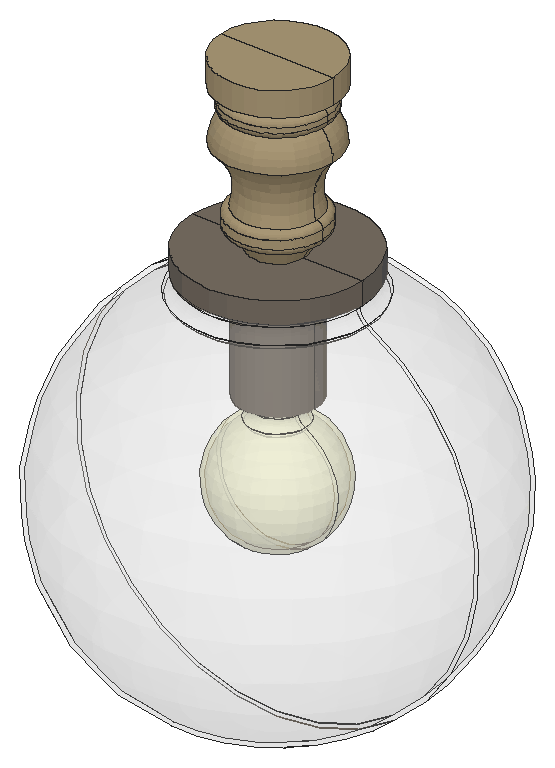
Revit family "CGBW10.WH2", category Lighting Fixtures, Revit 2024
Family settings
  Round Connector Dimension = Use Diameter
  Part Type = Normal
  OmniClass Number = 23.80.70.00
  OmniClass Title = Lighting
  Work Plane-Based = No
  Always vertical = Yes
  Cut with Voids When Loaded = No
  Light Source = No
  Maintain Annotation Orientation = No
  Shared = No
  Room Calculation Point = No
Parameters
  Default Elevation = 0' - 0"
Reference planes (in)
  plane 1 "Light Source Axis (F/B)": y = 0
  plane 2: z = 0
  plane 3 "Light Source Axis (L/R)": x = 0
  plane 4 "Light Source Elevation": z = 54
Forms (in)
  Revolve 1, solid, material "WOOD"
    sketch origin (0, 0, 21.77399) x (1, 0, 0) y (0, 0, 1)
      loop
        line (1.3203, 46.14761) -> (0, 46.14761) -> (0, 42.10101) -> (0.60935, 42.10101) -> (0.79685, 42.41351) -> (0.79685, 42.49161) -> (0.90465, 42.49161)
        arc (0.90465, 42.49161) -> (1.01072, 42.53555) -> (1.05465, 42.64161) r 0.15
        line (1.05465, 42.64161) -> (1.05465, 42.84161)
        arc (1.05465, 42.84161) -> (1.01072, 42.94768) -> (0.90465, 42.99161) r 0.15
        arc (0.90465, 42.99161) -> (0.88329, 43.73401) -> (1.29685, 44.35091) r 1.21857
        arc (1.29685, 44.35091) -> (1.23, 44.71114) -> (1.01405, 45.00711) r 0.82682
        arc (1.01405, 45.00711) -> (1.12012, 45.05105) -> (1.16405, 45.15711) r 0.15
        line (1.16405, 45.15711) -> (1.16405, 45.27891)
        arc (1.16405, 45.27891) -> (1.12012, 45.38498) -> (1.01405, 45.42891) r 0.15
        line (1.01405, 45.42891) -> (1.3203, 45.56951) -> (1.3203, 46.14761)
      axis (0, 46.14761) -> (0, 42.10101)
    angle from 0 to 360
  Revolve 2, solid, material "21P"
    sketch origin (0, 0, 0) x (1, 0, 0) y (0, 0, 1)
      loop
        line (0, 63.875) -> (0, 63.78125) -> (1.90625, 63.78125) -> (1.90625, 63.375) -> (2, 63.375) -> (2, 63.875) -> (0, 63.875)
      loop
        line (1, 63.15625) -> (1.40815, 63.7672) -> (1.2954, 63.7672) -> (0.94988, 63.25) -> (0.72565, 63.25) -> (0.63459, 63.25) -> (0.63459, 63.0625) -> (0.72565, 63.0625)
        arc (0.72565, 63.0625) -> (0.76542, 63.04602) -> (0.7819, 63.00625) r 0.05625
        line (0.7819, 63.00625) -> (0.7819, 60.78125) -> (0.87565, 60.78125) -> (0.87565, 63.00625)
        arc (0.87565, 63.00625) -> (0.83171, 63.11232) -> (0.72565, 63.15625) r 0.15
        line (0.72565, 63.15625) -> (1, 63.15625)
      axis (0, 63.875) -> (0, 60.78125)
    angle from 0 to 360
  Revolve 3, solid, material "GLASS BALL"
    sketch origin (0, 0, 0) x (1, 0, 0) y (0, 0, 1)
      loop
        line (1.95313, 63.375) -> (1.85938, 63.375) -> (1.85938, 63.28495)
        arc (1.85938, 63.28495) -> (1.92171, 63.06513) -> (2.09015, 62.91076) r 0.41875
        arc (2.09015, 62.91076) -> (4.53068, 57.67596) -> (0, 54.09375) r 4.65625
        line (0, 54.09375) -> (0, 54)
        arc (0, 54) -> (4.62191, 57.65434) -> (2.13224, 62.99453) r 4.75
        arc (2.13224, 62.99453) -> (2.0015, 63.11435) -> (1.95313, 63.28495) r 0.325
        line (1.95313, 63.28495) -> (1.95313, 63.375)
      axis (0, 63.375) -> (0, 54)
    angle from 0 to 360
  Revolve 4, solid, material "BULB"
    sketch origin (0, 0, 0) x (1, 0, 0) y (0, 0, 1)
      loop
        arc (0.5, 60.71875) -> (0.46875, 60.77288) -> (0.40625, 60.77288) r 0.0625
        line (0.40625, 60.77288) -> (0.40625, 60.53788)
        arc (0.40625, 60.53788) -> (0.46395, 60.34725) -> (0.61768, 60.22061) r 0.34375
        arc (0.61768, 60.22061) -> (1.30154, 58.71376) -> (0, 57.69187) r 1.33981
        line (0, 57.69187) -> (0, 57.59812)
        arc (0, 57.59812) -> (1.39313, 58.69362) -> (0.65706, 60.30579) r 1.43356
        arc (0.65706, 60.30579) -> (0.54296, 60.39776) -> (0.5, 60.53788) r 0.25
        line (0.5, 60.53788) -> (0.5, 60.71875)
      axis (0, 60.77288) -> (0, 57.59812)
    angle from 0 to 360
Dimensions and locks (in)
  aligned and locked: level to plane 2
